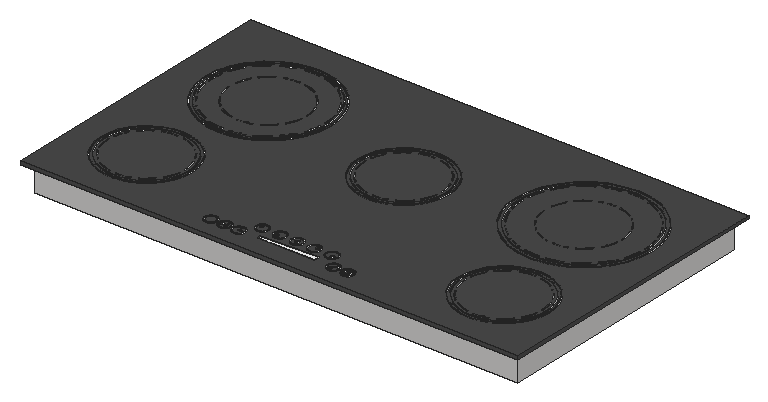
Revit family "QF_Summit_CR5B36T9B_Electric Cooktop", category Specialty Equipment, Revit 2020 (continued)
Automatic sketch dimensions
  plane 8 "Center X" to Extrusion 2 sketch curve = 0.79966"
  Extrusion 2 sketch curve to Extrusion 2 sketch curve = 0.36291"
  plane 8 "Center X" to Extrusion 2 sketch curve = 0.77756"
  Extrusion 2 sketch curve to Extrusion 2 sketch curve = 0.75024"
  Extrusion 2 sketch curve to Extrusion 2 sketch curve = 0.02441"
  Extrusion 2 sketch curve to Extrusion 2 sketch curve = 0.2558"
  Extrusion 2 sketch curve to Extrusion 2 sketch curve = 0.64884"
  Extrusion 2 sketch curve to Extrusion 2 sketch curve = 0.02639"
  Extrusion 2 sketch curve to Extrusion 2 sketch curve = 0.02659"
  Extrusion 2 sketch curve to Extrusion 2 sketch curve = 0.21868"
  Extrusion 2 sketch curve to Extrusion 2 sketch curve = 0.02828"
  Extrusion 2 sketch curve to Extrusion 2 sketch curve = 0.4318"
  Extrusion 2 sketch curve to Extrusion 2 sketch curve = 0.02974"
  Extrusion 2 sketch curve to Extrusion 2 sketch curve = 0.65171"
  Extrusion 2 sketch curve to Extrusion 2 sketch curve = 0.02726"
  Extrusion 2 sketch curve to Extrusion 2 sketch curve = 0.11408"
  Extrusion 2 sketch curve to Extrusion 2 sketch curve = 0.31254"
  Extrusion 2 sketch curve to Extrusion 2 sketch curve = 0.03063"
  Extrusion 2 sketch curve to Extrusion 2 sketch curve = 0.03071"
  Extrusion 2 sketch curve to Extrusion 2 sketch curve = 0.06155"
  Extrusion 2 sketch curve to Extrusion 2 sketch curve = 0.2339"
  Extrusion 2 sketch curve to Extrusion 2 sketch curve = 0.02512"
  Extrusion 2 sketch curve to Extrusion 2 sketch curve = 0.34996"
  Extrusion 2 sketch curve to Extrusion 2 sketch curve = 0.02018"
  Extrusion 2 sketch curve to Extrusion 2 sketch curve = 0.06722"  (x2)
  Extrusion 2 sketch curve to Extrusion 2 sketch curve = 0.16032"  (x2)
  Extrusion 2 sketch curve to Extrusion 2 sketch curve = 0.02712"  (x2)
  Extrusion 2 sketch curve to Extrusion 2 sketch curve = 0.3418"
  Extrusion 2 sketch curve to Extrusion 2 sketch curve = 0.01673"
  Extrusion 2 sketch curve to Extrusion 2 sketch curve = 0.39385"
  Extrusion 2 sketch curve to Extrusion 2 sketch curve = 0.01098"
  Extrusion 2 sketch curve to Extrusion 2 sketch curve = 0.33276"  (x2)
  Extrusion 2 sketch curve to Extrusion 2 sketch curve = 0.01587"  (x2)
  Extrusion 2 sketch curve to Extrusion 2 sketch curve = 0.43003"
  Extrusion 2 sketch curve to Extrusion 2 sketch curve = 1.38327"
  Extrusion 2 sketch curve to Extrusion 2 sketch curve = 0.01413"  (x2)
  Extrusion 2 sketch curve to Extrusion 2 sketch curve = 0.02865"
  Extrusion 2 sketch curve to Extrusion 2 sketch curve = 0.17947"  (x3)
  Extrusion 2 sketch curve to Extrusion 2 sketch curve = 0.02698"  (x3)
  Extrusion 2 sketch curve to Extrusion 2 sketch curve = 0.65841"  (x2)
  Extrusion 2 sketch curve to Extrusion 2 sketch curve = 0.2284"  (x2)
  Extrusion 2 sketch curve to Extrusion 2 sketch curve = 0.49064"
  Extrusion 2 sketch curve to Extrusion 2 sketch curve = 0.00579"
  Extrusion 2 sketch curve to Extrusion 2 sketch curve = 0.41626"
  Extrusion 2 sketch curve to Extrusion 2 sketch curve = 0.01532"
  Extrusion 2 sketch curve to Extrusion 2 sketch curve = 0.4319"
  Extrusion 2 sketch curve to Extrusion 2 sketch curve = 0.0106"
  Extrusion 2 sketch curve to Extrusion 2 sketch curve = 0.41338"
  Extrusion 2 sketch curve to Extrusion 2 sketch curve = 0.44536"
  Extrusion 2 sketch curve to Extrusion 2 sketch curve = 0.0053"
  Extrusion 2 sketch curve to Extrusion 2 sketch curve = 0.19892"
  Extrusion 2 sketch curve to Extrusion 2 sketch curve = 0.0293"
  Extrusion 2 sketch curve to Extrusion 2 sketch curve = 2.77589"
  Extrusion 2 sketch curve to Extrusion 2 sketch curve = 0.34485"  (x2)
  Extrusion 2 sketch curve to Extrusion 2 sketch curve = 0.01586"  (x2)
  Extrusion 2 sketch curve to Extrusion 2 sketch curve = 0.03564"  (x2)
  Extrusion 2 sketch curve to Extrusion 2 sketch curve = 0.39788"
  Extrusion 2 sketch curve to Extrusion 2 sketch curve = 0.01527"
  Extrusion 2 sketch curve to Extrusion 2 sketch curve = 0.21195"
  Extrusion 2 sketch curve to Extrusion 2 sketch curve = 0.1639"
  Extrusion 2 sketch curve to Extrusion 2 sketch curve = 0.16832"  (x3)
  Extrusion 2 sketch curve to Extrusion 2 sketch curve = 1/16"  (x5)
  Extrusion 2 sketch curve to Extrusion 2 sketch curve = 0.20933"
  Extrusion 2 sketch curve to Extrusion 2 sketch curve = 0.47402"  (x2)
  Extrusion 2 sketch curve to Extrusion 2 sketch curve = 0.44072"
  Extrusion 2 sketch curve to Extrusion 2 sketch curve = 3/16"
  Extrusion 3 sketch curve to Extrusion 5 = 0"  (x3)
  Extrusion 5 to Extrusion 3 sketch curve = 0"
  Extrusion 4 sketch curve to plane 10 = 0.36025"
  Extrusion 4 sketch curve to plane 7 "Center Y" = 0"
  Extrusion 5 sketch curve to plane 10 = 0"
  plane 9 to Extrusion 5 sketch curve = 0"
  Extrusion 5 sketch curve to plane 11 = 0"
  Extrusion 5 sketch curve to plane 11 = 1/16"
  Extrusion 5 sketch curve to plane 9 = 1/16"
  Extrusion 5 sketch curve to plane 12 = 1/16"
  Extrusion 5 sketch curve to Extrusion 5 sketch curve = 1/16"
  Extrusion 5 sketch curve to plane 10 = 1/16"
  Extrusion 6 sketch curve to Extrusion 6 sketch curve = 0"  (x168)
  plane 7 "Center Y" to Extrusion 6 sketch curve = 4.4514"
  Extrusion 6 sketch curve to Extrusion 6 sketch curve = 0.04565"  (x2)
  Extrusion 6 sketch curve to Extrusion 6 sketch curve = 0.0913"
  Extrusion 6 sketch curve to Extrusion 6 sketch curve = 0.78802"
  Extrusion 6 sketch curve to Extrusion 6 sketch curve = 0.02402"  (x2)
  Extrusion 6 sketch curve to Extrusion 6 sketch curve = 0.04403"  (x2)
  Extrusion 6 sketch curve to Extrusion 6 sketch curve = 0.16549"
  Extrusion 6 sketch curve to Extrusion 6 sketch curve = 0.19633"
  plane 7 "Center Y" to Extrusion 6 sketch curve = 2.64488"
  plane 7 "Center Y" to Extrusion 6 sketch curve = 2.48383"
  plane 7 "Center Y" to Extrusion 6 sketch curve = 2.04369"
  Extrusion 6 sketch curve to Extrusion 6 sketch curve = 0.66314"
  Extrusion 6 sketch curve to Extrusion 6 sketch curve = 0.16105"  (x3)
  Extrusion 6 sketch curve to Extrusion 6 sketch curve = 1.21949"  (x2)
  Extrusion 6 sketch curve to Extrusion 6 sketch curve = 0.60645"
  Extrusion 6 sketch curve to Extrusion 6 sketch curve = 0.49683"
  Extrusion 6 sketch curve to plane 9 = 0.8734"
  Extrusion 6 sketch curve to Extrusion 6 sketch curve = 1.04393"
  Extrusion 6 sketch curve to plane 9 = 0.90045"
  Extrusion 6 sketch curve to Extrusion 6 sketch curve = 0.30916"
  Extrusion 6 sketch curve to Extrusion 6 sketch curve = 0.01824"
  Extrusion 6 sketch curve to plane 9 = 1.19206"
  Extrusion 6 sketch curve to Extrusion 6 sketch curve = 0.0358"
  Extrusion 6 sketch curve to plane 9 = 0.80663"
  Extrusion 6 sketch curve to Extrusion 6 sketch curve = 0.05129"
  Extrusion 6 sketch curve to Extrusion 6 sketch curve = 0.77213"
  Extrusion 6 sketch curve to Extrusion 6 sketch curve = 0.12861"
  Extrusion 6 sketch curve to plane 9 = 0.87399"
  Extrusion 6 sketch curve to Extrusion 6 sketch curve = 0.02614"
  Extrusion 6 sketch curve to Extrusion 6 sketch curve = 0.01602"
  Extrusion 6 sketch curve to Extrusion 6 sketch curve = 0.23417"
  Extrusion 6 sketch curve to Extrusion 6 sketch curve = 0.76583"
  Extrusion 6 sketch curve to plane 9 = 1.25965"
  Extrusion 6 sketch curve to Extrusion 6 sketch curve = 0.43657"
  Extrusion 6 sketch curve to plane 9 = 1.69622"
  Extrusion 6 sketch curve to Extrusion 6 sketch curve = 0.16208"  (x5)
  Extrusion 6 sketch curve to plane 9 = 1.19185"
  Extrusion 6 sketch curve to Extrusion 6 sketch curve = 0.08734"
  Extrusion 6 sketch curve to Extrusion 6 sketch curve = 0.18686"
  Extrusion 6 sketch curve to Extrusion 6 sketch curve = 0.63875"
  Extrusion 6 sketch curve to Extrusion 6 sketch curve = 0.05507"
  Extrusion 6 sketch curve to Extrusion 6 sketch curve = 0.06394"
  Extrusion 6 sketch curve to Extrusion 6 sketch curve = 0.04818"
  Extrusion 6 sketch curve to Extrusion 6 sketch curve = 0.12624"
  Extrusion 6 sketch curve to Extrusion 6 sketch curve = 0.04174"
  Extrusion 6 sketch curve to Extrusion 6 sketch curve = 0.01529"
  Extrusion 6 sketch curve to Extrusion 6 sketch curve = 0.05562"
  Extrusion 6 sketch curve to Extrusion 6 sketch curve = 0.12268"
  Extrusion 6 sketch curve to Extrusion 6 sketch curve = 0.21522"
  Extrusion 6 sketch curve to Extrusion 6 sketch curve = 0.12339"
  Extrusion 6 sketch curve to Extrusion 6 sketch curve = 0.17157"
  Extrusion 6 sketch curve to Extrusion 6 sketch curve = 0.32054"
  Extrusion 6 sketch curve to Extrusion 6 sketch curve = 1/16"  (x2)
  Extrusion 6 sketch curve to Extrusion 6 sketch curve = 0.16579"
  Extrusion 6 sketch curve to Extrusion 6 sketch curve = 1/32"  (x8)
  plane 7 "Center Y" to Extrusion 6 sketch curve = 2.91252"
  Extrusion 6 sketch curve to Extrusion 6 sketch curve = 0.13534"  (x5)
  Extrusion 6 sketch curve to Extrusion 6 sketch curve = 0.26764"
  Extrusion 6 sketch curve to Extrusion 6 sketch curve = 0.36211"  (x2)
  Extrusion 6 sketch curve to Extrusion 6 sketch curve = 0.40695"
  Extrusion 6 sketch curve to Extrusion 6 sketch curve = 0.1013"
  Extrusion 6 sketch curve to Extrusion 6 sketch curve = 0.1368"
  Extrusion 6 sketch curve to Extrusion 6 sketch curve = 0.14262"
  curve 5 to curve 7 = 0"  (x2)
  curve 5 to curve 9 = 0"  (x2)
  curve 5 to curve 11 = 0"  (x2)
  curve 5 to curve 13 = 0"  (x2)
  curve 5 to curve 15 = 0"  (x2)
  curve 5 to curve 17 = 0"  (x2)
  curve 5 to curve 19 = 0"  (x2)
  curve 5 to curve 21 = 0"  (x2)
  curve 5 to curve 23 = 0"  (x2)
  curve 5 to curve 25 = 0"  (x2)
  curve 5 to curve 27 = 0"  (x2)
  curve 5 to curve 29 = 0"  (x2)
  curve 5 to curve 31 = 0"  (x2)
  curve 5 to curve 33 = 0"  (x2)
  curve 5 to curve 35 = 0"  (x2)
  curve 5 to curve 37 = 0"  (x2)
  curve 5 to curve 39 = 0"  (x2)
  curve 5 to curve 41 = 0"  (x2)
  curve 5 to curve 43 = 0"  (x2)
  curve 5 to curve 45 = 0"  (x2)
  curve 5 to curve 47 = 0"
  curve 5 to curve 49 = 0"  (x2)
  curve 5 to curve 51 = 0"  (x2)
  curve 5 to curve 53 = 0"  (x2)
  curve 5 to curve 55 = 0"  (x2)
  curve 5 to curve 57 = 0"  (x2)
  curve 5 to curve 59 = 0"  (x2)
  curve 5 to curve 61 = 0"  (x2)
  curve 5 to curve 63 = 0"  (x2)
  curve 5 to curve 65 = 0"  (x2)
  curve 5 to curve 67 = 0"  (x2)
  curve 5 to curve 69 = 0"  (x2)
  curve 5 to curve 71 = 0"  (x2)
  curve 5 to curve 73 = 0"  (x2)
  curve 5 to curve 75 = 0"  (x2)
  curve 5 to curve 77 = 0"  (x2)
  curve 5 to curve 79 = 0"  (x2)
  curve 5 to curve 81 = 0"
  curve 5 to curve 83 = 0"
  curve 5 to curve 85 = 0"
  curve 5 to curve 87 = 0"
  curve 5 to curve 89 = 0"
  curve 5 to curve 91 = 0"
  curve 5 to curve 93 = 0"
  curve 5 to curve 95 = 0"
  curve 5 to curve 97 = 0"
  curve 5 to curve 99 = 0"
  curve 5 to curve 101 = 0"
  curve 5 to curve 103 = 0"
  curve 5 to curve 105 = 0"
  curve 5 to curve 107 = 0"
  curve 5 to curve 109 = 0"
  curve 5 to curve 111 = 0"
  curve 5 to curve 113 = 0"
  curve 5 to curve 115 = 0"
  curve 5 to curve 117 = 0"
  curve 5 to curve 119 = 0"
  curve 5 to curve 121 = 0"
  curve 5 to curve 123 = 0"
  curve 5 to curve 125 = 0"
  curve 5 to curve 127 = 0"
  curve 79 to curve 127 = 0"
  curve 81 to curve 83 = 0"
  curve 81 to curve 85 = 0"
  curve 81 to curve 87 = 0"
  curve 81 to curve 89 = 0"
  curve 81 to curve 91 = 0"
  curve 81 to curve 93 = 0"
  curve 81 to curve 95 = 0"
  curve 81 to curve 97 = 0"
  curve 81 to curve 99 = 0"
  curve 81 to curve 101 = 0"
  curve 81 to curve 105 = 0"
  curve 81 to curve 107 = 0"
  curve 81 to curve 109 = 0"
  curve 81 to curve 111 = 0"
  curve 81 to curve 113 = 0"
  curve 81 to curve 115 = 0"
  curve 81 to curve 117 = 0"
  curve 81 to curve 119 = 0"
  curve 81 to curve 121 = 0"
  curve 81 to curve 123 = 0"
  curve 81 to curve 125 = 0"
  curve 81 to curve 127 = 0"
  curve 129 to curve 131 = 0"  (x2)
  curve 129 to curve 133 = 0"  (x2)
  curve 129 to curve 135 = 0"  (x2)
  curve 129 to curve 137 = 0"  (x2)
  curve 129 to curve 139 = 0"  (x2)
  curve 129 to curve 141 = 0"  (x2)
  curve 129 to curve 143 = 0"  (x2)
  curve 129 to curve 145 = 0"  (x2)
  curve 129 to curve 147 = 0"  (x2)
  curve 129 to curve 149 = 0"  (x2)
  curve 129 to curve 151 = 0"  (x2)
  curve 129 to curve 153 = 0"  (x2)
  curve 129 to curve 155 = 0"  (x2)
  curve 129 to curve 157 = 0"  (x2)
  curve 129 to curve 159 = 0"  (x2)
  curve 129 to curve 161 = 0"  (x2)
  curve 129 to curve 163 = 0"  (x2)
  curve 129 to curve 165 = 0"  (x2)
  curve 129 to curve 167 = 0"  (x2)
  curve 129 to curve 169 = 0"  (x2)
  curve 129 to curve 171 = 0"  (x2)
  curve 129 to curve 173 = 0"  (x2)
  curve 129 to curve 175 = 0"  (x2)
  curve 129 to curve 177 = 0"  (x2)
  curve 129 to curve 179 = 0"  (x2)
  curve 129 to curve 181 = 0"  (x2)
  curve 129 to curve 183 = 0"  (x2)
  curve 185 to curve 187 = 0"  (x2)
  curve 185 to curve 189 = 0"  (x2)
  curve 185 to curve 191 = 0"
  curve 185 to curve 193 = 0"
  curve 185 to curve 195 = 0"
  curve 185 to curve 197 = 0"
  curve 185 to curve 199 = 0"
  curve 185 to curve 201 = 0"
  curve 185 to curve 203 = 0"
  curve 185 to curve 205 = 0"
  curve 185 to curve 207 = 0"
  curve 185 to curve 213 = 0"
  curve 185 to curve 215 = 0"
  curve 185 to curve 217 = 0"
  curve 185 to curve 219 = 0"
  curve 185 to curve 221 = 0"
  curve 185 to curve 223 = 0"
  curve 185 to curve 225 = 0"
  curve 185 to curve 227 = 0"
  curve 185 to curve 229 = 0"
  curve 185 to curve 231 = 0"
  curve 185 to curve 233 = 0"
  curve 185 to curve 235 = 0"
  curve 185 to curve 237 = 0"
  curve 185 to curve 239 = 0"
  curve 185 to curve 241 = 0"
  curve 185 to curve 243 = 0"
  curve 185 to curve 245 = 0"
  curve 185 to curve 247 = 0"
  curve 185 to curve 249 = 0"
  curve 185 to curve 251 = 0"
  curve 185 to curve 253 = 0"
  curve 185 to curve 255 = 0"
  curve 185 to curve 257 = 0"
  curve 185 to curve 259 = 0"
  curve 185 to curve 261 = 0"
  curve 185 to curve 263 = 0"
  curve 185 to curve 265 = 0"
  curve 185 to curve 267 = 0"
  curve 185 to curve 269 = 0"  (x2)
  curve 185 to curve 271 = 0"  (x2)
  curve 185 to curve 273 = 0"  (x2)
  curve 185 to curve 275 = 0"  (x2)
  curve 185 to curve 277 = 0"  (x2)
  curve 185 to curve 279 = 0"  (x2)
  curve 185 to curve 281 = 0"  (x2)
  curve 185 to curve 283 = 0"  (x2)
  curve 185 to curve 285 = 0"  (x2)
  curve 185 to curve 287 = 0"
  curve 185 to curve 289 = 0"  (x2)
  curve 185 to curve 291 = 0"  (x2)
  curve 185 to curve 293 = 0"  (x2)
  curve 185 to curve 295 = 0"  (x2)
  curve 185 to curve 297 = 0"  (x2)
  curve 185 to curve 299 = 0"  (x2)
  curve 185 to curve 301 = 0"  (x2)
  curve 185 to curve 303 = 0"  (x2)
  curve 185 to curve 305 = 0"  (x2)
  curve 185 to curve 307 = 0"  (x2)
  curve 185 to curve 309 = 0"  (x2)
  curve 185 to curve 311 = 0"  (x2)
  curve 189 to curve 191 = 0"
  curve 189 to curve 193 = 0"
  curve 189 to curve 195 = 0"
  curve 189 to curve 197 = 0"
  curve 189 to curve 199 = 0"
  curve 189 to curve 201 = 0"
  curve 189 to curve 203 = 0"
  curve 189 to curve 205 = 0"
  curve 189 to curve 207 = 0"
  curve 189 to curve 209 = 0"
  curve 189 to curve 211 = 0"
  curve 189 to curve 213 = 0"
  curve 189 to curve 215 = 0"
  curve 189 to curve 217 = 0"
  curve 189 to curve 219 = 0"
  curve 189 to curve 221 = 0"
  curve 189 to curve 223 = 0"
  curve 189 to curve 225 = 0"
  curve 189 to curve 227 = 0"
  curve 189 to curve 229 = 0"
  curve 189 to curve 231 = 0"
  curve 189 to curve 233 = 0"
  curve 189 to curve 235 = 0"
  curve 189 to curve 237 = 0"
  curve 189 to curve 239 = 0"
  curve 189 to curve 241 = 0"
  curve 189 to curve 243 = 0"
  curve 189 to curve 245 = 0"
  curve 189 to curve 247 = 0"
  curve 189 to curve 249 = 0"
  curve 189 to curve 251 = 0"
  curve 189 to curve 253 = 0"
  curve 189 to curve 255 = 0"
  curve 189 to curve 257 = 0"
  curve 189 to curve 259 = 0"
  curve 189 to curve 261 = 0"
  curve 189 to curve 263 = 0"
  curve 192 to curve 211 = 0"
  curve 209 to curve 211 = 0"
  curve 209 to curve 265 = 0"
  curve 209 to curve 267 = 0"
  curve 314 to curve 367 = 0"  (x2)
  curve 316 to curve 367 = 0"  (x2)
  curve 318 to curve 367 = 0"  (x2)
  curve 320 to curve 367 = 0"  (x2)
  curve 321 to curve 367 = 0"  (x2)
  curve 323 to curve 367 = 0"  (x2)
  curve 325 to curve 367 = 0"  (x2)
  curve 327 to curve 367 = 0"  (x2)
  curve 329 to curve 367 = 0"  (x2)
  curve 331 to curve 367 = 0"  (x2)
  curve 333 to curve 367 = 0"  (x2)
  curve 335 to curve 367 = 0"  (x2)
  curve 337 to curve 367 = 0"  (x2)
  curve 339 to curve 367 = 0"  (x2)
  curve 341 to curve 367 = 0"  (x2)
  curve 343 to curve 367 = 0"  (x2)
  curve 345 to curve 367 = 0"  (x2)
  curve 347 to curve 367 = 0"  (x2)
  curve 349 to curve 367 = 0"  (x2)
  curve 351 to curve 367 = 0"  (x2)
  curve 353 to curve 367 = 0"  (x2)
  curve 355 to curve 367 = 0"  (x2)
  curve 357 to curve 367 = 0"  (x2)
  curve 359 to curve 367 = 0"  (x2)
  curve 361 to curve 367 = 0"  (x2)
  curve 363 to curve 367 = 0"  (x2)
  curve 365 to curve 367 = 0"  (x2)
  curve 370 to curve 423 = 0"  (x2)
  curve 372 to curve 423 = 0"  (x2)
  curve 374 to curve 423 = 0"  (x2)
  curve 376 to curve 423 = 0"  (x2)
  curve 377 to curve 423 = 0"  (x2)
  curve 379 to curve 423 = 0"  (x2)
  curve 381 to curve 423 = 0"  (x2)
  curve 383 to curve 423 = 0"  (x2)
  curve 385 to curve 423 = 0"  (x2)
  curve 387 to curve 423 = 0"  (x2)
  curve 389 to curve 423 = 0"  (x2)
  curve 391 to curve 423 = 0"  (x2)
  curve 393 to curve 423 = 0"  (x2)
  curve 395 to curve 423 = 0"  (x2)
  curve 397 to curve 423 = 0"  (x2)
  curve 399 to curve 423 = 0"  (x2)
  curve 401 to curve 423 = 0"  (x2)
  curve 403 to curve 423 = 0"  (x2)
  curve 405 to curve 423 = 0"  (x2)
  curve 407 to curve 423 = 0"  (x2)
  curve 409 to curve 423 = 0"  (x2)
  curve 411 to curve 423 = 0"  (x2)
  curve 413 to curve 423 = 0"  (x2)
  curve 415 to curve 423 = 0"  (x2)
  curve 417 to curve 423 = 0"  (x2)
  curve 419 to curve 423 = 0"  (x2)
  curve 421 to curve 423 = 0"  (x2)
  curve 1 to plane 3 "LEFT" = 0"
  curve 318 to plane 7 "Center Y" = 0"
  plane 1 "BACK" to curve 3 = 0"
  curve 3 to plane 4 "RIGHT" = 0"
  plane 5 "FRONT" to curve 1 = 0"
  curve 144 to plane 11 = 1 187/256"
  curve 141 to curve 144 = 1/32"
  curve 144 to curve 138 = 0.00839"
  curve 137 to curve 138 = 0.0308"
  curve 143 to curve 142 = 0.13763"
  curve 142 to curve 142 = 0.02935"
  curve 14 to plane 11 = 1.965"
  curve 13 to curve 14 = 0.03131"
  curve 15 to curve 80 = 0.03084"
  curve 14 to curve 16 = 0.0414"
  curve 77 to curve 80 = 0.03071"
  curve 13 to curve 16 = 0.03063"
  curve 143 to curve 148 = 0.15555"
  curve 148 to curve 148 = 0.02726"
  curve 138 to curve 140 = 0.31317"
  curve 137 to curve 140 = 0.02693"
  curve 16 to curve 18 = 0.08434"
  curve 18 to curve 18 = 0.02974"
  plane 8 "Center X" to curve 78 = 1.99032"
  curve 79 to curve 78 = 0.28425"
  plane 8 "Center X" to curve 78 = 2.00361"
  curve 77 to curve 78 = 0.02828"
  curve 139 to curve 182 = 0.22941"
  curve 181 to curve 182 = 0.02404"
  curve 79 to curve 76 = 0.19209"
  curve 18 to curve 20 = 0.40541"
  curve 73 to curve 76 = 0.02659"
  curve 17 to curve 20 = 0.02639"
  curve 146 to plane 9 = 2.21645"
  curve 147 to curve 146 = 0.62951"
  curve 145 to curve 146 = 0.0222"  (x2)
  curve 20 to curve 22 = 0.23139"
  curve 22 to curve 22 = 0.02441"
  curve 147 to curve 152 = 0.32095"
  curve 149 to curve 152 = 0.01601"
  curve 182 to curve 184 = 0.71045"
  curve 181 to curve 184 = 0.01578"
  plane 8 "Center X" to curve 74 = 0.77756"
  curve 75 to curve 74 = 0.62674"
  plane 8 "Center X" to curve 74 = 0.79966"
  curve 73 to curve 74 = 0.0221"
  curve 15 to curve 128 = 1.27517"
  curve 125 to curve 128 = 0.03131"
  curve 128 to curve 82 = 0.00828"
  curve 81 to curve 82 = 0.03074"
  plane 8 "Center X" to curve 126 = 2.78889"
  curve 127 to curve 126 = 0.12451"
  plane 8 "Center X" to curve 126 = 2.79942"
  curve 125 to curve 126 = 0.02942"
  curve 183 to curve 178 = 0.42666"
  curve 177 to curve 178 = 0.01079"
  plane 8 "Center X" to curve 72 = 0.46768"
  curve 75 to curve 72 = 0.34417"
  plane 8 "Center X" to curve 72 = 0.49268"
  curve 69 to curve 72 = 0.01874"
  curve 22 to curve 24 = 0.73165"
  curve 127 to curve 124 = 0.16275"
  curve 24 to curve 24 = 0.01859"
  curve 121 to curve 124 = 0.02724"
  curve 82 to curve 84 = 0.30568"
  curve 81 to curve 84 = 0.02692"
  curve 83 to curve 86 = 0.22019"
  curve 86 to curve 86 = 0.02411"
  curve 23 to curve 26 = 0.38141"
  curve 25 to curve 26 = 0.01551"
  curve 150 to plane 9 = 1.6154"
  curve 151 to curve 150 = 0.98255"
  curve 150 to plane 9 = 1.64629"
  curve 150 to curve 150 = 0.00477"
  plane 8 "Center X" to curve 122 = 1.60015"
  curve 123 to curve 122 = 0.61312"
  plane 8 "Center X" to curve 122 = 1.62419"
  curve 121 to curve 122 = 0.01996"
  curve 70 to plane 8 "Center X" = 0.04825"
  curve 71 to curve 70 = 0.89654"
  curve 146 to curve 136 = 1.74307"
  curve 70 to plane 8 "Center X" = 0.01927"
  curve 151 to curve 156 = 0.42951"
  curve 178 to curve 180 = 0.97809"
  plane 8 "Center X" to curve 120 = 1.35084"
  curve 123 to curve 120 = 0.33367"
  plane 8 "Center X" to curve 120 = 1.37772"
  curve 117 to curve 120 = 0.01594"
  curve 87 to curve 88 = 0.7319"
  curve 88 to curve 88 = 0.01552"
  curve 68 to plane 8 "Center X" = 0.18633"
  curve 71 to curve 68 = 0.38987"
  curve 68 to plane 8 "Center X" = 0.15628"
  curve 65 to curve 68 = 0.0086"
  curve 28 to plane 10 = 1.99876"
  curve 26 to curve 28 = 0.90867"
  curve 28 to plane 10 = 2.02886"
  curve 25 to curve 28 = 0.00839"
  curve 174 to plane 8 "Center X" = 2.56628"
  curve 180 to curve 174 = 0.46522"
  curve 174 to plane 8 "Center X" = 2.53554"
  curve 174 to curve 174 = 0.00564"
  curve 87 to curve 92 = 0.38892"
  curve 92 to curve 92 = 0.01092"
  curve 30 to plane 10 = 1.89637"
  curve 27 to curve 30 = 0.46739"
  curve 30 to plane 10 = 1.92726"
  curve 30 to curve 30 = 0.00473"
  curve 154 to plane 9 = 1.78547"
  curve 155 to curve 154 = 0.94381"
  curve 154 to plane 9 = 1.75617"
  curve 155 to curve 154 = 0.01087"
  plane 8 "Center X" to curve 118 = 1.00707"
  plane 8 "Center X" to curve 118 = 1.03785"
  curve 160 to plane 9 = 1 63/64"
  curve 155 to curve 160 = 0.4222"
  curve 176 to plane 8 "Center X" = 2.89982"
  curve 174 to curve 176 = 0.89585"
  curve 160 to plane 9 = 1.95735"
  curve 160 to curve 160 = 0.01567"
  curve 176 to plane 8 "Center X" = 2.87288"
  curve 66 to plane 8 "Center X" = 0.31159"
  curve 119 to curve 116 = 0.44804"
  curve 92 to curve 90 = 1.01341"
  curve 175 to curve 170 = 0.35772"
  curve 170 to plane 8 "Center X" = 3.12822"
  curve 171 to curve 170 = 0.0222"
  curve 64 to plane 8 "Center X" = 0.29472"
  curve 67 to curve 64 = 0.41987"
  curve 64 to plane 8 "Center X" = 0.32583"
  curve 63 to curve 64 = 0.00288"
  curve 32 to plane 10 = 1.9049"
  curve 32 to plane 10 = 1.87384"
  curve 96 to plane 10 = 3.2268"
  curve 90 to curve 96 = 0.38206"
  curve 96 to plane 10 = 3.19597"
  curve 93 to curve 96 = 0.00512"
  curve 158 to plane 9 = 2.59847"
  curve 158 to plane 9 = 2.57629"
  curve 34 to plane 10 = 1.97204"
  curve 31 to curve 34 = 0.41256"
  curve 34 to plane 10 = 1.9415"
  curve 35 to curve 34 = 0.00661"
  curve 164 to plane 9 = 2.9728"
  curve 159 to curve 164 = 0.26321"
  curve 170 to curve 172 = 0.64469"
  curve 164 to plane 9 = 2 245/256"
  curve 163 to curve 164 = 0.02697"
  curve 172 to plane 8 "Center X" = 3.90706"
  plane 8 "Center X" to curve 114 = 1.16104"
  curve 115 to curve 114 = 0.94818"
  plane 8 "Center X" to curve 114 = 1.13167"
  curve 115 to curve 114 = 0.01068"
  curve 171 to curve 166 = 0.19267"
  curve 166 to curve 166 = 0.02944"
  curve 162 to plane 9 = 3.89338"
  curve 162 to plane 9 = 3.88808"
  curve 163 to curve 168 = 0.0397"
  curve 167 to curve 168 = 1/32"
  plane 8 "Center X" to curve 112 = 1.35537"
  curve 115 to curve 112 = 0.41946"
  plane 8 "Center X" to curve 112 = 1.32823"
  curve 112 to curve 112 = 0.0155"
  curve 94 to plane 10 = 3.56584"
  curve 94 to plane 10 = 3.53891"
  curve 62 to plane 8 "Center X" = 0.05229"
  curve 62 to plane 8 "Center X" = 0.08153"
  curve 100 to plane 10 = 3.79198"
  curve 93 to curve 100 = 0.3269"
  curve 100 to plane 10 = 3.76764"
  curve 97 to curve 100 = 0.01961"
  plane 8 "Center X" to curve 60 = 0.11404"
  curve 63 to curve 60 = 0.38009"
  plane 8 "Center X" to curve 60 = 0.08609"
  curve 60 to curve 60 = 0.01399"
  curve 36 to plane 10 = 2.32914"
  curve 36 to plane 10 = 2.30136"
  plane 8 "Center X" to curve 110 = 1.97282"
  plane 8 "Center X" to curve 110 = 1.95063"
  curve 40 to plane 10 = 2.56745"
  curve 35 to curve 40 = 0.40266"
  curve 40 to plane 10 = 2.54153"
  curve 40 to curve 40 = 0.01745"
  plane 8 "Center X" to curve 108 = 2.34492"
  curve 111 to curve 108 = 0.26138"
  curve 98 to plane 10 = 4.58096"
  plane 8 "Center X" to curve 108 = 2.32916"
  curve 108 to curve 108 = 0.02698"
  curve 98 to plane 10 = 4.5657"
  curve 98 to curve 104 = 0.17127"
  curve 101 to curve 104 = 0.02924"
  plane 8 "Center X" to curve 58 = 0.67565"
  plane 8 "Center X" to curve 58 = 0.65349"
  plane 8 "Center X" to curve 106 = 3.27266"
  plane 8 "Center X" to curve 106 = 3.26756"
  curve 107 to curve 102 = 0.03642"
  curve 101 to curve 102 = 1/32"
  plane 8 "Center X" to curve 56 = 1.00099"
  curve 59 to curve 56 = 0.33335"
  curve 38 to plane 10 = 3.19784"
  plane 8 "Center X" to curve 56 = 0.97887"
  curve 56 to curve 56 = 0.02212"
  curve 38 to plane 10 = 3.17572"
  curve 44 to plane 10 = 3.56102"
  curve 38 to curve 44 = 0.29386"
  curve 44 to plane 10 = 3.54281"
  curve 41 to curve 44 = 0.02539"
  plane 8 "Center X" to curve 54 = 1.82387"
  plane 8 "Center X" to curve 54 = 1.80919"
  plane 8 "Center X" to curve 50 = 2.25844"
  curve 55 to curve 50 = 0.19913"
  curve 42 to plane 10 = 4.46629"
  plane 8 "Center X" to curve 50 = 2.24713"
  curve 49 to curve 50 = 0.02913"
  curve 42 to plane 10 = 4.4551"
  curve 42 to curve 48 = 0.14108"
  curve 48 to curve 48 = 0.03027"
  plane 8 "Center X" to curve 52 = 3.26773"
  curve 49 to curve 46 = 0.02504"
  plane 8 "Center X" to curve 52 = 3.26425"
  curve 45 to curve 46 = 1/32"
  plane 8 "Center X" to curve 328 = 1.75206"
  curve 328 to plane 7 "Center Y" = 2.77582"
  curve 325 to curve 328 = 1/32"
  curve 328 to curve 322 = 0.00839"
  curve 321 to curve 322 = 0.0308"
  plane 8 "Center X" to curve 326 = 0.7623"
  curve 327 to curve 326 = 0.13763"
  plane 8 "Center X" to curve 326 = 0.77304"
  plane 8 "Center X" to curve 332 = 0.35989"
  curve 327 to curve 332 = 0.15555"
  plane 8 "Center X" to curve 332 = 0.37516"
  curve 329 to curve 332 = 0.02726"
  curve 323 to curve 324 = 0.31317"
  curve 321 to curve 324 = 0.02693"
  curve 323 to curve 366 = 0.22941"
  curve 365 to curve 366 = 0.02404"
  curve 330 to plane 8 "Center X" = 0.42608"
  curve 330 to plane 8 "Center X" = 0.40388"
  curve 336 to plane 8 "Center X" = 0.6677"
  curve 331 to curve 336 = 0.32095"
  curve 336 to plane 8 "Center X" = 0.64087"
  curve 333 to curve 336 = 0.01601"
  curve 367 to curve 368 = 0.71045"
  curve 365 to curve 368 = 0.01578"
  curve 367 to curve 362 = 0.42666"
  curve 361 to curve 362 = 0.01079"
  curve 334 to plane 7 "Center Y" = 0.42356"
  curve 333 to curve 334 = 0.00477"
  plane 7 "Center Y" to curve 340 = 0.01071"
  plane 7 "Center Y" to curve 364 = 0.02994"
  curve 363 to curve 358 = 0.46522"
  curve 359 to curve 358 = 0.00564"
  plane 7 "Center Y" to curve 338 = 0.95452"
  curve 339 to curve 338 = 0.01087"
  curve 344 to plane 8 "Center X" = 0.65815"
  curve 339 to curve 344 = 0.4222"
  curve 359 to curve 360 = 0.89585"
  curve 344 to plane 8 "Center X" = 0.68519"
  curve 343 to curve 344 = 0.01567"
  curve 359 to curve 360 = 0.01584"
  curve 359 to curve 354 = 0.35772"
  curve 355 to curve 354 = 0.0222"
  curve 342 to plane 8 "Center X" = 0.04406"
  curve 342 to plane 8 "Center X" = 0.06624"
  plane 8 "Center X" to curve 348 = 0.33027"
  curve 343 to curve 348 = 0.26321"
  curve 355 to curve 356 = 0.64469"
  plane 8 "Center X" to curve 348 = 0.31449"
  curve 347 to curve 348 = 0.02697"
  curve 355 to curve 356 = 0.02725"
  curve 355 to curve 350 = 0.19267"
  curve 351 to curve 350 = 0.02944"
  plane 8 "Center X" to curve 346 = 1.25085"
  plane 8 "Center X" to curve 346 = 1.24555"
  curve 347 to curve 352 = 0.0397"
  curve 351 to curve 352 = 1/32"
  curve 349 to curve 196 = 4.22674"
  curve 196 to curve 198 = 0.02781"
  curve 193 to curve 196 = 1/32"
  curve 197 to curve 198 = 0.03105"
  plane 8 "Center X" to curve 194 = 2.65614"
  curve 195 to curve 194 = 0.09801"
  plane 8 "Center X" to curve 194 = 2.66365"
  plane 8 "Center X" to curve 264 = 2.22116"
  curve 195 to curve 264 = 13/128"
  curve 200 to plane 10 = 4.36074"
  curve 198 to curve 200 = 0.22183"
  plane 8 "Center X" to curve 264 = 2.23176"
  curve 261 to curve 264 = 0.0294"
  curve 200 to plane 10 = 4.37171"
  curve 200 to curve 200 = 0.02926"
  curve 200 to curve 202 = 0.1476"
  curve 202 to curve 202 = 0.02801"
  plane 8 "Center X" to curve 262 = 1.25315"
  curve 263 to curve 262 = 0.46165"
  plane 8 "Center X" to curve 262 = 1.27061"
  plane 8 "Center X" to curve 260 = 0.87399"
  curve 263 to curve 260 = 0.26041"
  curve 204 to plane 10 = 3.06292"
  curve 202 to curve 204 = 0.55615"
  plane 8 "Center X" to curve 260 = 0.89617"
  curve 260 to curve 260 = 0.02218"
  curve 204 to plane 10 = 3.0831"
  curve 201 to curve 204 = 0.02386"
  curve 206 to plane 10 = 2.71296"
  curve 204 to curve 206 = 0.30639"
  curve 206 to plane 10 = 2.73507"
  curve 205 to curve 206 = 0.0221"
  curve 195 to curve 312 = 1.63193"
  curve 309 to curve 312 = 0.03131"
  plane 8 "Center X" to curve 306 = 4.21065"
  curve 312 to curve 306 = 0.00828"
  plane 8 "Center X" to curve 306 = 4.20503"
  curve 305 to curve 306 = 0.03074"
  plane 8 "Center X" to curve 310 = 2.78889"
  curve 311 to curve 310 = 0.12451"
  plane 8 "Center X" to curve 258 = 0.13817"
  curve 259 to curve 258 = 0.77257"
  plane 8 "Center X" to curve 310 = 2.79942"
  plane 8 "Center X" to curve 258 = 0.16354"
  plane 8 "Center X" to curve 266 = 2.36784"
  curve 311 to curve 266 = 0.16275"
  plane 8 "Center X" to curve 266 = 2.38316"
  curve 265 to curve 266 = 0.02724"
  curve 308 to plane 10 = 4.51189"
  curve 308 to plane 10 = 4.52776"
  curve 208 to plane 10 = 2.08978"
  curve 208 to plane 10 = 2.11686"
  curve 256 to plane 8 "Center X" = 0.11309"
  curve 259 to curve 256 = 0.37289"
  curve 256 to plane 8 "Center X" = 11/128"
  curve 256 to curve 256 = 0.01548"
  curve 308 to curve 302 = 0.22019"
  curve 301 to curve 302 = 0.02411"
  curve 212 to plane 10 = 1.86895"
  curve 208 to curve 212 = 0.42213"
  plane 8 "Center X" to curve 268 = 1.60015"
  curve 212 to plane 10 = 1.89759"
  curve 209 to curve 212 = 0.0125"
  plane 8 "Center X" to curve 268 = 1.62419"
  plane 8 "Center X" to curve 272 = 1.35084"
  curve 267 to curve 272 = 0.33367"
  plane 8 "Center X" to curve 272 = 1.37772"
  curve 272 to curve 272 = 0.01594"
  curve 302 to curve 304 = 0.7319"
  curve 304 to curve 304 = 0.01552"
  curve 253 to curve 384 = 0.90531"
  curve 384 to curve 384 = 1/32"
  curve 384 to curve 378 = 0.00839"
  curve 254 to plane 8 "Center X" = 0.52297"
  curve 377 to curve 378 = 0.0308"
  curve 254 to plane 8 "Center X" = 0.49291"
  curve 382 to plane 9 = 3.40483"
  curve 383 to curve 382 = 0.13763"
  curve 382 to plane 9 = 3.41557"
  curve 382 to curve 382 = 0.02935"
  curve 298 to plane 10 = 3.3323"
  curve 303 to curve 298 = 0.38892"
  curve 298 to plane 10 = 3.36158"
  curve 297 to curve 298 = 0.01092"
  curve 383 to curve 388 = 0.15555"
  curve 385 to curve 388 = 0.02726"
  curve 380 to plane 8 "Center X" = 3.85757"
  curve 378 to curve 380 = 0.31317"
  curve 380 to plane 8 "Center X" = 3.87343"
  curve 380 to curve 380 = 0.02693"
  curve 252 to plane 8 "Center X" = 0.6248"
  curve 255 to curve 252 = 0.4339"
  curve 252 to plane 8 "Center X" = 0.59403"
  curve 252 to curve 252 = 0.00543"
  curve 210 to plane 10 = 1.56337"
  curve 210 to plane 10 = 1.59417"
  curve 380 to curve 422 = 0.22941"
  curve 421 to curve 422 = 0.02404"
  plane 8 "Center X" to curve 270 = 1.00707"
  plane 8 "Center X" to curve 270 = 1.03785"
  curve 214 to plane 10 = 1.50926"
  curve 211 to curve 214 = 0.46186"
  curve 214 to plane 10 = 1.54045"
  curve 213 to curve 214 = 0.00193"
  curve 386 to plane 9 = 2.21645"
  curve 387 to curve 386 = 0.62951"
  curve 386 to plane 9 = 2.23865"
  curve 385 to curve 386 = 0.0222"
  curve 271 to curve 276 = 0.44804"
  curve 298 to curve 300 = 1.01341"
  curve 392 to plane 9 = 1.97483"
  curve 386 to curve 392 = 0.32095"
  curve 392 to plane 9 = 2.00167"
  curve 389 to curve 392 = 0.01601"
  curve 424 to plane 8 "Center X" = 2.86967"
  curve 423 to curve 424 = 0.71045"
  curve 424 to plane 8 "Center X" = 2.89665"
  curve 424 to curve 424 = 0.01578"
  curve 250 to plane 8 "Center X" = 0.649"
  curve 300 to curve 294 = 0.38206"
  curve 294 to curve 294 = 0.00512"
  curve 424 to curve 418 = 0.42666"
  curve 417 to curve 418 = 0.01079"
  curve 248 to plane 8 "Center X" = 0.59392"
  curve 251 to curve 248 = 0.44241"
  curve 248 to plane 8 "Center X" = 0.62469"
  curve 247 to curve 248 = 0.00544"
  curve 216 to plane 10 = 1.60246"
  curve 216 to plane 10 = 1.57171"
  plane 8 "Center X" to curve 274 = 1.16104"
  curve 275 to curve 274 = 0.94818"
  plane 8 "Center X" to curve 274 = 1.13167"
  curve 274 to curve 274 = 0.01068"
  curve 390 to plane 9 = 1.6154"
  curve 391 to curve 390 = 0.98255"
  curve 390 to plane 9 = 1.64629"
  curve 218 to plane 10 = 1.70955"
  curve 215 to curve 218 = 0.4519"
  curve 218 to plane 10 = 1.67956"
  curve 218 to curve 218 = 0.00881"
  plane 8 "Center X" to curve 280 = 1.35537"
  curve 275 to curve 280 = 0.41946"
  plane 8 "Center X" to curve 280 = 1.32823"
  curve 279 to curve 280 = 0.0155"
  curve 294 to curve 296 = 0.9339"
  curve 296 to curve 296 = 0.01585"
  curve 391 to curve 396 = 0.42951"
  curve 418 to curve 420 = 0.97809"
  curve 296 to curve 290 = 0.3269"
  curve 290 to curve 290 = 0.01961"
  curve 246 to plane 8 "Center X" = 0.28716"
  curve 246 to plane 8 "Center X" = 0.31574"
  curve 419 to curve 414 = 0.46522"
  curve 414 to curve 414 = 0.00564"
  plane 8 "Center X" to curve 278 = 1.97282"
  plane 8 "Center X" to curve 278 = 1.95063"
  curve 244 to plane 8 "Center X" = 0.07951"
  curve 247 to curve 244 = 105/256"
  curve 244 to plane 8 "Center X" = 0.10661"
  curve 244 to curve 244 = 0.01556"
  curve 220 to plane 10 = 2.14081"
  curve 220 to plane 10 = 2.11391"
  curve 279 to curve 284 = 0.26138"
  curve 290 to curve 292 = 0.6664"
  curve 284 to curve 284 = 0.02698"
  curve 291 to curve 292 = 0.02727"
  curve 395 to curve 394 = 0.94381"
  curve 394 to plane 9 = 1.75617"
  curve 394 to curve 394 = 0.01087"
  curve 291 to curve 286 = 0.17127"
  curve 219 to curve 222 = 0.33577"
  curve 287 to curve 286 = 0.02924"
  curve 222 to curve 222 = 0.02238"
  curve 283 to curve 282 = 0.33471"
  curve 282 to curve 282 = 0.03083"
  curve 283 to curve 288 = 0.03642"
  curve 287 to curve 288 = 1/32"
  curve 394 to curve 400 = 0.4222"
  curve 414 to curve 416 = 0.89585"
  curve 400 to curve 400 = 0.01567"
  curve 415 to curve 416 = 0.01584"
  plane 8 "Center X" to curve 242 = 139/256"
  plane 8 "Center X" to curve 242 = 0.52088"
  curve 415 to curve 410 = 0.35772"
  curve 410 to curve 410 = 0.0222"
  plane 8 "Center X" to curve 240 = 0.88435"
  curve 243 to curve 240 = 0.32273"
  plane 8 "Center X" to curve 240 = 0.86218"
  curve 240 to curve 240 = 0.02217"
  curve 221 to curve 224 = 0.78474"
  curve 224 to curve 224 = 0.02406"
  curve 400 to curve 398 = 0.72914"
  curve 398 to curve 398 = 0.02218"
  curve 224 to curve 228 = 0.27163"
  curve 228 to curve 228 = 0.026"
  curve 399 to curve 404 = 0.26321"
  curve 411 to curve 412 = 0.64469"
  curve 403 to curve 404 = 0.02697"
  curve 412 to curve 412 = 0.02725"
  plane 8 "Center X" to curve 238 = 1.78019"
  plane 8 "Center X" to curve 238 = 1.76637"
  curve 411 to curve 406 = 0.19267"
  curve 239 to curve 236 = 0.18182"
  curve 406 to curve 406 = 0.02944"
  curve 228 to curve 226 = 0.47994"
  curve 235 to curve 236 = 0.02932"
  curve 226 to curve 226 = 0.02942"
  curve 403 to curve 402 = 43/128"
  curve 402 to curve 402 = 0.0308"
  curve 402 to curve 408 = 0.0397"
  curve 225 to curve 230 = 0.13892"
  curve 407 to curve 408 = 1/32"
  curve 230 to curve 230 = 0.03042"
  curve 235 to curve 234 = 0.24008"
  curve 235 to curve 232 = 0.02952"
  curve 235 to curve 234 = 0.03104"
  curve 232 to curve 232 = 1/32"
  curve 393 to curve 396 = 1/32"
  curve 394 to curve 400 = 11/64"
  curve 397 to curve 400 = 0.02703"
  curve 399 to curve 404 = 0.35855"
  curve 404 to curve 404 = 0.01578"
  curve 148 to curve 142 = 0.38714"
  curve 168 to curve 136 = 0.02021"
  curve 408 to curve 376 = 0.02021"
  curve 144 to curve 138 = 0.42791"
  curve 139 to curve 138 = 0.00528"
  curve 406 to curve 412 = 0.42385"
  curve 172 to curve 172 = 0.0153"
  curve 412 to curve 412 = 0.0153"
  curve 139 to curve 182 = 0.36071"
  curve 182 to curve 182 = 0.01996"
  curve 411 to curve 416 = 0.2506"
  curve 415 to curve 416 = 0.02694"
  curve 424 to curve 418 = 0.20644"
  curve 183 to curve 178 = 0.20644"
  curve 179 to curve 178 = 0.02933"
  curve 419 to curve 418 = 0.02933"
  curve 340 to curve 335 = 0.06337"
  curve 337 to curve 340 = 1/32"
  curve 352 to curve 320 = 0.02021"
  curve 328 to curve 322 = 0.42791"
  curve 322 to curve 322 = 0.00528"
  curve 239 to curve 236 = 0.41272"
  curve 233 to curve 236 = 0.0108"
  curve 279 to curve 284 = 0.35634"
  curve 284 to curve 284 = 0.01576"
  curve 350 to curve 356 = 0.42385"
  curve 355 to curve 356 = 0.0153"
  curve 14 to curve 12 = 0.25515"
  curve 323 to curve 366 = 0.36071"
  curve 366 to curve 366 = 0.01996"
  curve 232 to curve 192 = 0.01538"
  curve 354 to curve 360 = 0.2506"
  curve 359 to curve 360 = 0.02694"
  curve 128 to curve 82 = 0.65841"
  curve 82 to curve 82 = 0.00562"
  curve 367 to curve 362 = 0.20644"
  curve 362 to curve 362 = 0.02933"
  curve 16 to curve 18 = 0.43623"
  curve 18 to curve 18 = 0.00959"
  curve 287 to curve 292 = 0.36805"
  curve 291 to curve 292 = 0.01526"
  curve 231 to curve 226 = 0.46987"
  curve 226 to curve 226 = 0.01052"
  curve 308 to curve 302 = 0.34863"
  curve 83 to curve 86 = 0.34863"
  curve 302 to curve 302 = 0.01988"
  curve 87 to curve 86 = 0.01988"
  curve 291 to curve 296 = 0.22613"
  curve 296 to curve 296 = 0.02693"
  curve 20 to curve 22 = 0.35853"
  curve 22 to curve 22 = 5/256"
  curve 87 to curve 92 = 0.18744"
  curve 89 to curve 92 = 0.02928"
  curve 225 to curve 224 = 0.3647"
  curve 224 to curve 224 = 0.01994"
  curve 130 to curve 144 = 0.47418"
  curve 129 to curve 132 = 1/16"
  curve 131 to curve 134 = 0.16832"
  curve 6 to curve 14 = 0.44875"
  curve 133 to curve 136 = 1/32"
  curve 5 to curve 7 = 1/16"
  curve 7 to curve 9 = 3/16"
  curve 9 to curve 12 = 1/32"
  curve 314 to curve 328 = 0.47418"
  curve 313 to curve 315 = 1/16"
  curve 315 to curve 318 = 0.16832"
  curve 317 to curve 320 = 1/32"
  curve 186 to curve 196 = 0.46705"
  curve 185 to curve 187 = 1/16"
  curve 190 to curve 193 = 0.19522"
  curve 189 to curve 192 = 1/32"
  curve 370 to curve 381 = 0.47418"
  curve 369 to curve 372 = 1/16"
  curve 371 to curve 374 = 0.16832"
  curve 373 to curve 375 = 1/32"
  curve 426 to plane 9 = 0.85871"
  curve 426 to plane 7 "Center Y" = 5.35251"
  curve 425 to curve 425 = 0.42869"
  curve 425 to curve 427 = 0"  (x2)
  curve 425 to curve 428 = 1/16"
  curve 425 to curve 429 = 0.57131"
  curve 425 to curve 430 = 0"
  curve 425 to curve 430 = 0.14262"
  curve 429 to curve 431 = 0"  (x2)
  curve 429 to curve 431 = 1/32"
  curve 431 to curve 433 = 0.16327"
  curve 435 to plane 9 = 0.87399"
  curve 429 to curve 435 = 0.01602"
  curve 434 to curve 432 = 0.12339"
  curve 431 to curve 433 = 0.15397"
  curve 434 to curve 436 = 0.02614"
  curve 436 to curve 437 = 0.12861"
  curve 436 to curve 429 = 0.17157"
  curve 434 to curve 439 = 0.18686"
  curve 429 to curve 441 = 0.56549"
  curve 429 to curve 441 = 0"
  curve 429 to curve 440 = 0.1368"
  curve 440 to curve 442 = 0"  (x2)
  curve 440 to curve 442 = 1/32"
  curve 444 to plane 9 = 0.80663"
  curve 444 to curve 440 = 0.05129"
  curve 444 to plane 9 = 1.19206"
  curve 444 to curve 440 = 0.01757"
  curve 446 to plane 9 = 0.90045"
  curve 440 to curve 446 = 0.01824"
  curve 446 to plane 9 = 0.8734"
  curve 446 to curve 442 = 0.07005"
  curve 441 to curve 449 = 0.44581"
  curve 441 to curve 448 = 0.9996"
  curve 448 to curve 448 = 0.42869"
  curve 448 to curve 450 = 0"  (x2)
  curve 448 to curve 451 = 1/32"
  curve 453 to curve 448 = 0.16105"
  curve 448 to curve 452 = 0.16208"
  curve 452 to curve 452 = 0.13534"
  curve 440 to curve 454 = 0.94264"
  curve 455 to plane 9 = 0.84225"
  plane 7 "Center Y" to curve 455 = 2.04369"
  curve 454 to curve 457 = 0.21522"
  curve 454 to curve 455 = 0.4174"
  curve 448 to curve 459 = 0.83564"
  curve 448 to curve 459 = 0"
  curve 448 to curve 459 = 0.40695"
  curve 458 to curve 460 = 0"  (x2)
  curve 458 to curve 460 = 1/32"
  curve 463 to curve 458 = 0.16105"
  curve 462 to curve 458 = 0.16208"
  curve 462 to curve 462 = 0.13534"
  curve 465 to plane 7 "Center Y" = 0"
  curve 458 to curve 465 = 0"
  curve 458 to curve 465 = 0.39336"
  curve 464 to curve 466 = 0"  (x2)
  curve 466 to curve 464 = 1/32"
  curve 464 to curve 468 = 0"  (x2)
  curve 469 to curve 464 = 0.13534"
  curve 466 to curve 470 = 0.7908"
  curve 466 to curve 471 = 0"
  curve 466 to curve 470 = 0.39336"
  curve 470 to curve 472 = 0"  (x2)
  curve 472 to curve 470 = 1/32"
  curve 470 to curve 474 = 0.16105"
  curve 470 to curve 475 = 0.16208"
  curve 475 to curve 474 = 0.13534"
  curve 455 to curve 477 = 0.44014"
  curve 455 to curve 476 = 0.59865"
  curve 472 to curve 476 = 0.40695"
  curve 476 to curve 478 = 0"  (x2)
  curve 476 to curve 479 = 1/32"
  curve 476 to curve 481 = 0.16105"
  curve 480 to curve 476 = 0.16208"
  curve 480 to curve 480 = 0.13534"
  curve 481 to curve 482 = 0.60236"
  curve 483 to plane 9 = 0.85871"
  curve 482 to curve 482 = 0.42869"
  curve 482 to curve 484 = 0"  (x2)
  curve 482 to curve 484 = 1/32"
  curve 488 to plane 9 = 0.66359"
  curve 484 to curve 488 = 0.15708"
  curve 489 to plane 9 = 0.61956"
  curve 489 to curve 489 = 0.04403"
  curve 488 to plane 9 = 1.02541"
  curve 486 to plane 9 = 0.98138"
  curve 488 to curve 487 = 0.06805"
  curve 482 to curve 490 = 0.59448"
  curve 482 to curve 490 = 0"
  curve 482 to curve 491 = 0.16579"
  curve 490 to curve 492 = 0"  (x2)
  curve 490 to curve 493 = 1/16"
  curve 490 to curve 494 = 0"  (x2)
  curve 496 to curve 494 = 0.04565"
  curve 496 to curve 495 = 0.0913"
  curve 494 to curve 495 = 0.2458"
  curve 494 to curve 497 = 0.08734"
  curve 490 to curve 498 = 0"  (x2)
  curve 499 to curve 494 = 0"
  curve 494 to curve 501 = 0.04565"
  curve 494 to curve 500 = 0.05562"
  curve 499 to curve 494 = 0.06394"
  radius of Extrusion 1 sketch curve = 3 1/4"  (x3)
  radius of Extrusion 1 sketch curve = 3 3/16"  (x3)
  radius of Extrusion 1 sketch curve = 3.01918"  (x3)
  radius of Extrusion 1 sketch curve = 2.98793"  (x3)
  radius of Extrusion 1 sketch curve = 4 7/8"
  radius of Extrusion 1 sketch curve = 4 13/16"
  radius of Extrusion 1 sketch curve = 4.60317"
  radius of Extrusion 1 sketch curve = 4.57192"
  radius of Extrusion 1 sketch curve = 0.42869"  (x10)
  radius of Extrusion 1 sketch curve = 0.39744"  (x8)
  radius of Extrusion 1 sketch curve = 4 1/2"
  radius of Extrusion 1 sketch curve = 4 7/16"
  radius of Extrusion 1 sketch curve = 4 1/4"
  radius of Extrusion 1 sketch curve = 4 7/32"
  radius of Extrusion 1 sketch curve = 0.13534"  (x5)
  radius of Extrusion 1 sketch curve = 0.36619"  (x2)
  radius of Extrusion 4 sketch curve = 1/8"
Connectors (in)
  electrical at (17.75, -0.98525, -1), driven by "Volts", driven by "Watts"
    settings: on Extrusion 4, index 1, voltage 240 V, apparent load 7200 VA, apparent load phase1 0 VA, apparent load phase2 0 VA, apparent load phase3 0 VA, power factor 1, load classification "Other", number of poles 1, system type 30, power factor state 1, is connector primary yes, connector utility no, sub classification motor no, connector description "Electrical Connection"
